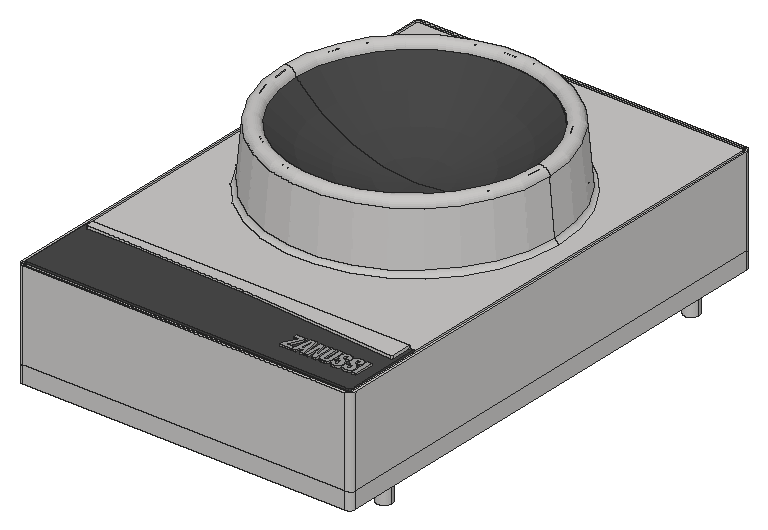
Revit family "QF_ZANUSSI_600893_Z1HCEEOMCS", category Specialty Equipment, Revit 2018
Family settings
  Round Connector Dimension = Use Diameter
  Part Type = Normal
  Work Plane-Based = No
  Always vertical = Yes
  Cut with Voids When Loaded = No
  Shared = No
  Room Calculation Point = No
Parameters (values of type "Standard")
  Watts = 0 W
  Volts = 220 V
  URL = "http://www.zanussiprofessional.com"
  Steam Supply Size = 0 mm
  Steam Supply Minimum Pressure = 0.0 Pa
  Steam Supply Maximum Pressure = 0.0 Pa
  Steam Pounds per Hour = 0
  Show Logo [instance] = yes
  Manufacturer = "Zanussi"
  Phase = 1
  Model = "Z1HCEEOMCS"
  Item Number = "600893"
  Hot Water Size = 0 mm
  HP = "4.7 HP"
  Gas Size = 0 mm
  Gas KW = 0
  Direct Waste Size = 0 mm
  Description = "PLUG-IN INDUCTION WOK"
  Cycle = 60 Hz
  Condensate Return Size = 0 mm
  Compressed Air Volume = 0.0 L/s
  Compressed Air Size = 0 mm
  Compressed Air Pressure = 0.0 Pa
  Cold Water Size = 0 mm
Types (2, lengths in mm): name | URL | Manufacturer | Phase | Model | Description
  (no name) | 0 | 0 | 0 | 0 | 0
  Standard | "http://www.zanussiprofessional.com" | "Zanussi" | 1 | "Z1HCEEOMCS" | "PLUG-IN INDUCTION WOK"
Values of the unnamed type that differ from the named types
  Volts = 0 V
  Item Number = ""
  Cycle = 0 Hz
Reference planes
  plane 1 "Centro (Fronte/Retro)": y = 74.737
  plane 2: z = 0
  plane 3: x = -514.269
  plane 4 "LEFT": x = -714.269
  plane 5 "RIGHT": x = -314.269
  plane 6 "BACK": y = 374.737
  plane 7 "FRONT": y = -225.263
  plane 8: x = -712.269
  plane 9: y = 372.737
  plane 10: x = -316.269
  plane 11: y = -223.263
  plane 12: y = -124.263
  plane 13: x = -698.269
  plane 14: x = -330.269
  plane 15: y = 304.737
  plane 16: y = -155.263
  plane 17: x = -442.269
  plane 18: y = 179.737
  plane 19 "wok": y = 120.237
  plane 20: z = 764
Forms (mm)
  Extrusion 1, solid, material "QF_Finishes_Stainless Steel"
    sketch origin (0, 0, 788) x (1, 0, 0) y (0, 1, 0)
      loop
        arc (-707.269, 374.737) -> (-712.218, 372.687) -> (-714.269, 367.737) r 7
        line (-714.269, 367.737) -> (-714.269, -218.263)
        arc (-714.269, -218.263) -> (-712.218, -223.213) -> (-707.269, -225.263) r 7
        line (-707.269, -225.263) -> (-321.269, -225.263)
        arc (-321.269, -225.263) -> (-316.319, -223.213) -> (-314.269, -218.263) r 7
        line (-314.269, -218.263) -> (-314.269, 367.737)
        arc (-314.269, 367.737) -> (-316.319, 372.687) -> (-321.269, 374.737) r 7
        line (-321.269, 374.737) -> (-707.269, 374.737)
    from 0 to 20
  Extrusion 2, solid, material "QF_Finishes_Stainless Steel"
    sketch origin (0, 0, 788) x (1, 0, 0) y (0, 1, 0)
      loop
        line (-321.269, 374.737) -> (-707.269, 374.737)
        arc (-707.269, 374.737) -> (-712.218, 372.687) -> (-714.269, 367.737) r 7
        line (-714.269, 367.737) -> (-714.269, -218.263)
        arc (-714.269, -218.263) -> (-712.218, -223.213) -> (-707.269, -225.263) r 7
        line (-707.269, -225.263) -> (-321.269, -225.263)
        arc (-321.269, -225.263) -> (-316.319, -223.213) -> (-314.269, -218.263) r 7
        line (-314.269, -218.263) -> (-314.269, 367.737)
        arc (-314.269, 367.737) -> (-316.319, 372.687) -> (-321.269, 374.737) r 7
      loop
        arc (-707.269, 372.737) -> (-710.804, 371.273) -> (-712.269, 367.737) r 5
        line (-712.269, 367.737) -> (-712.269, -218.263)
        arc (-712.269, -218.263) -> (-710.804, -221.798) -> (-707.269, -223.263) r 5
        line (-707.269, -223.263) -> (-321.269, -223.263)
        arc (-321.269, -223.263) -> (-317.733, -221.798) -> (-316.269, -218.263) r 5
        line (-316.269, -218.263) -> (-316.269, 367.737)
        arc (-316.269, 367.737) -> (-317.733, 371.273) -> (-321.269, 372.737) r 5
        line (-321.269, 372.737) -> (-707.269, 372.737)
    from 20 to 126
  Extrusion 3, solid, material "QF_Finishes_Black"
    sketch origin (0, 0, 914) x (-1, 0, 0) y (0, -1, 0)
      loop
        line (709.269, 124.263) -> (709.269, 218.263)
        arc (709.269, 218.263) -> (708.683, 219.677) -> (707.269, 220.263) r 2
        line (707.269, 220.263) -> (321.269, 220.263)
        arc (321.269, 220.263) -> (319.854, 219.677) -> (319.269, 218.263) r 2
        line (319.269, 218.263) -> (319.269, 124.263) -> (709.269, 124.263)
    from 0 to 2
  Extrusion 4, solid, material "QF_Finishes_Stainless Steel"
    sketch origin (0, 0, 140) x (-1, 0, 0) y (0, -1, 0)
      loop
        circle (698.269, -304.737) r 9
      loop
        circle (330.269, -304.737) r 9
      loop
        circle (698.269, 155.263) r 9
      loop
        circle (330.269, 155.263) r 9
    from 624 to 648
  Extrusion 5, solid, material "QF_Finishes_Stainless Steel"
    sketch origin (0, 0, 140) x (-1, 0, 0) y (0, -1, 0)
      loop
        circle (442.269, -179.737) r 10
    from 638.028 to 648
  Extrusion 6, solid, material "QF_Finishes_Stainless Steel"
    sketch origin (0, 96, 912) x (-1, 0, 0) y (0, -1, 0)
      loop
        arc (707.269, -273.737) -> (708.683, -273.151) -> (709.269, -271.737) r 2
        line (709.269, -271.737) -> (709.269, 220.263) -> (319.269, 220.263) -> (319.269, -271.737)
        arc (319.269, -271.737) -> (319.854, -273.151) -> (321.269, -273.737) r 2
        line (321.269, -273.737) -> (707.269, -273.737)
    from 0 to 2
  Revolve 7, solid, material "QF_Finishes_Stainless Steel"
    sketch origin (0, 120.237, 14) x (-1, 0, 0) y (0, 0, 1)
      loop
        arc (349.07, 900) -> (350.454, 902.553) -> (351.23, 905.352) r 12.856
        line (351.23, 905.352) -> (357.255, 968.615)
        arc (357.255, 968.615) -> (361.677, 972.996) -> (366.45, 969) r 4.622
        line (366.45, 969) -> (371.472, 969)
        arc (371.472, 969) -> (361.87, 978) -> (352.269, 969) r 9.622
        line (352.269, 969) -> (346.269, 906)
        arc (346.269, 906) -> (344.567, 902.335) -> (341.269, 900) r 7.856
        line (341.269, 900) -> (349.07, 900)
      axis (514.269, 900) -> (514.269, 969)
    angle from 0 to 360
  Revolve 8, solid, material "QF_Finishes_Black"
    sketch origin (0, 120.237, 14) x (-1, 0, 0) y (0, 0, 1)
      loop
        line (371.472, 969) -> (366.45, 969)
        arc (366.45, 969) -> (432.848, 918.929) -> (514.269, 902) r 190.056
        line (514.269, 902) -> (514.269, 906)
        arc (514.269, 906) -> (436.232, 922.453) -> (371.472, 969) r 193.372
      axis (514.269, 969) -> (514.269, 902)
    angle from 0 to 360
  Extrusion 9, solid, material "QF_Finishes_Stainless Steel"
    sketch origin (0, 0, 914) x (-1, 0, 0) y (0, -1, 0)
      loop
        arc (702.769, 124.263) -> (703.829, 124.702) -> (704.269, 125.763) r 1.5
        line (704.269, 125.763) -> (704.269, 132.763)
        arc (704.269, 132.763) -> (703.829, 133.824) -> (702.769, 134.263) r 1.5
        line (702.769, 134.263) -> (651.769, 134.263)
        arc (651.769, 134.263) -> (582.973, 135.513) -> (514.269, 139.263) r 1893.125
        arc (514.269, 139.263) -> (420.209, 148.26) -> (325.769, 151.263) r 1486.51
        arc (325.769, 151.263) -> (324.708, 150.824) -> (324.269, 149.763) r 1.5
        line (324.269, 149.763) -> (324.269, 125.763)
        arc (324.269, 125.763) -> (324.708, 124.702) -> (325.769, 124.263) r 1.5
        line (325.769, 124.263) -> (702.769, 124.263)
    from 2 to 5
Lines and regions (mm)
  symbolic lines
    curve 1: line (-321.269, 374.737, 126) -> (-707.269, 374.737, 126)
    curve 2: arc (-707.269, 374.737, 126) -> (-712.218, 372.687, 126) -> (-714.269, 367.737, 126) r 7
    curve 3: line (-714.269, 367.737, 126) -> (-714.269, -218.263, 126)
    curve 4: arc (-714.269, -218.263, 126) -> (-712.218, -223.213, 126) -> (-707.269, -225.263, 126) r 7
    curve 5: line (-707.269, -225.263, 126) -> (-321.269, -225.263, 126)
    curve 6: arc (-321.269, -225.263, 126) -> (-316.319, -223.213, 126) -> (-314.269, -218.263, 126) r 7
    curve 7: line (-314.269, -218.263, 126) -> (-314.269, 367.737, 126)
    curve 8: arc (-314.269, 367.737, 126) -> (-316.319, 372.687, 126) -> (-321.269, 374.737, 126) r 7
    curve 9: line (-707.269, 372.737, 126) -> (-321.269, 372.737, 126)
    curve 10: arc (-321.269, 372.737, 126) -> (-317.733, 371.273, 126) -> (-316.269, 367.737, 126) r 5
    curve 11: line (-316.269, 367.737, 126) -> (-316.269, -218.263, 126)
    curve 12: arc (-316.269, -218.263, 126) -> (-317.733, -221.798, 126) -> (-321.269, -223.263, 126) r 5
    curve 13: line (-321.269, -223.263, 126) -> (-707.269, -223.263, 126)
    curve 14: arc (-707.269, -223.263, 126) -> (-710.804, -221.798, 126) -> (-712.269, -218.263, 126) r 5
    curve 15: line (-712.269, -218.263, 126) -> (-712.269, 367.737, 126)
    curve 16: arc (-712.269, 367.737, 126) -> (-710.804, 371.273, 126) -> (-707.269, 372.737, 126) r 5
    curve 17: line (-319.269, -124.263, 126) -> (-709.269, -124.263, 126)
    curve 18: line (-319.269, -218.263, 126) -> (-319.269, 367.737, 126)
    curve 19: arc (-319.269, 367.737, 126) -> (-319.854, 369.151, 126) -> (-321.269, 369.737, 126) r 2
    curve 20: line (-321.269, 369.737, 126) -> (-707.269, 369.737, 126)
    curve 21: arc (-707.269, 369.737, 126) -> (-708.683, 369.151, 126) -> (-709.269, 367.737, 126) r 2
    curve 22: line (-709.269, 367.737, 126) -> (-709.269, -218.263, 126)
    curve 23: arc (-709.269, -218.263, 126) -> (-708.683, -219.677, 126) -> (-707.269, -220.263, 126) r 2
    curve 24: line (-707.269, -220.263, 126) -> (-321.269, -220.263, 126)
    curve 25: arc (-321.269, -220.263, 126) -> (-319.854, -219.677, 126) -> (-319.269, -218.263, 126) r 2
    curve 26: arc (-687.269, 120.237, 126) -> (-514.269, 293.237, 126) -> (-341.269, 120.237, 126) r 173
    curve 27: arc (-341.269, 120.237, 126) -> (-514.269, -52.763, 126) -> (-687.269, 120.237, 126) r 173
    curve 28: arc (-682.269, 120.237, 126) -> (-514.269, -47.763, 126) -> (-346.269, 120.237, 126) r 168
    curve 29: arc (-346.269, 120.237, 126) -> (-514.269, 288.237, 126) -> (-682.269, 120.237, 126) r 168
    curve 30: arc (-676.269, 120.237, 126) -> (-514.269, -41.763, 126) -> (-352.269, 120.237, 126) r 162
    curve 31: arc (-371.472, 120.237, 126) -> (-514.269, 263.034, 126) -> (-657.065, 120.237, 126) r 142.797
    curve 32: arc (-657.065, 120.237, 126) -> (-514.269, -22.56, 126) -> (-371.472, 120.237, 126) r 142.797
    curve 33: arc (-352.269, 120.237, 126) -> (-514.269, 282.237, 126) -> (-676.269, 120.237, 126) r 162
    curve 34: arc (-702.769, -124.263, 126) -> (-703.829, -124.702, 126) -> (-704.269, -125.763, 126) r 1.5
    curve 35: line (-704.269, -125.763, 126) -> (-704.269, -132.763, 126)
    curve 36: arc (-704.269, -132.763, 126) -> (-703.829, -133.824, 126) -> (-702.769, -134.263, 126) r 1.5
    curve 37: line (-702.769, -134.263, 126) -> (-651.769, -134.263, 126)
    curve 38: arc (-324.269, -125.763, 126) -> (-324.708, -124.702, 126) -> (-325.769, -124.263, 126) r 1.5
    curve 39: line (-324.269, -149.763, 126) -> (-324.269, -125.763, 126)
    curve 40: arc (-325.769, -151.263, 126) -> (-324.708, -150.824, 126) -> (-324.269, -149.763, 126) r 1.5
    curve 41: arc (-651.769, -134.263, 126) -> (-582.973, -135.513, 126) -> (-514.269, -139.263, 126) r 1893.125
    curve 42: arc (-514.269, -139.263, 126) -> (-420.209, -148.26, 126) -> (-325.769, -151.263, 126) r 1486.51
    curve 43: line (-415.208, -176.613, 126) -> (-422.226, -191.352, 126)
    curve 44: line (-422.226, -191.352, 126) -> (-422.226, -196.265, 126)
    curve 45: line (-422.226, -196.265, 126) -> (-409.452, -196.265, 126)
    curve 46: line (-409.452, -196.265, 126) -> (-409.452, -191.352, 126)
    curve 47: line (-409.452, -191.352, 126) -> (-416.821, -191.352, 126)
    curve 48: line (-416.821, -191.352, 126) -> (-409.452, -176.332, 126)
    curve 49: line (-409.452, -176.332, 126) -> (-409.452, -172.261, 126)
    curve 50: line (-409.452, -172.261, 126) -> (-421.665, -172.261, 126)
    curve 51: line (-421.665, -172.261, 126) -> (-421.665, -176.753, 126)
    curve 52: line (-421.665, -176.753, 126) -> (-415.208, -176.613, 126)
    curve 53: line (-404.82, -172.261, 126) -> (-409.172, -196.265, 126)
    curve 54: line (-409.172, -196.265, 126) -> (-404.118, -196.265, 126)
    curve 55: line (-404.118, -196.265, 126) -> (-403.416, -191.633, 126)
    curve 56: line (-403.416, -191.633, 126) -> (-399.346, -191.633, 126)
    curve 57: line (-399.346, -191.633, 126) -> (-398.644, -196.265, 126)
    curve 58: line (-398.644, -196.265, 126) -> (-393.59, -196.265, 126)
    curve 59: line (-393.59, -196.265, 126) -> (-398.082, -172.261, 126)
    curve 60: line (-398.082, -172.261, 126) -> (-404.82, -172.261, 126)
    curve 61: line (-401.451, -176.364, 126) -> (-400.047, -187.281, 126)
    curve 62: line (-400.047, -187.281, 126) -> (-402.855, -187.281, 126)
    curve 63: line (-402.855, -187.281, 126) -> (-401.451, -176.364, 126)
    curve 64: line (-393.309, -172.261, 126) -> (-393.309, -196.265, 126)
    curve 65: line (-393.309, -196.265, 126) -> (-388.958, -196.265, 126)
    curve 66: line (-388.958, -196.265, 126) -> (-388.958, -180.403, 126)
    curve 67: line (-388.958, -180.403, 126) -> (-384.887, -196.265, 126)
    curve 68: line (-384.887, -196.265, 126) -> (-379.553, -196.265, 126)
    curve 69: line (-379.553, -196.265, 126) -> (-379.553, -172.261, 126)
    curve 70: line (-379.553, -172.261, 126) -> (-384.045, -172.261, 126)
    curve 71: line (-384.045, -172.261, 126) -> (-384.045, -187.562, 126)
    curve 72: line (-384.045, -187.562, 126) -> (-388.116, -172.261, 126)
    curve 73: line (-388.116, -172.261, 126) -> (-393.309, -172.261, 126)
    curve 74: line (-378.43, -172.261, 126) -> (-378.43, -188.404, 126)
    curve 75: line (-378.43, -188.404, 126) -> (-378.149, -192.334, 126)
    curve 76: line (-378.149, -192.334, 126) -> (-377.728, -193.317, 126)
    curve 77: line (-377.728, -193.317, 126) -> (-376.745, -194.58, 126)
    curve 78: line (-376.745, -194.58, 126) -> (-375.763, -195.282, 126)
    curve 79: line (-375.763, -195.282, 126) -> (-373.797, -196.124, 126)
    curve 80: line (-373.797, -196.124, 126) -> (-372.815, -196.265, 126)
    curve 81: line (-372.815, -196.265, 126) -> (-370.569, -196.265, 126)
    curve 82: line (-370.569, -196.265, 126) -> (-369.446, -195.984, 126)
    curve 83: line (-369.446, -195.984, 126) -> (-367.761, -195.001, 126)
    curve 84: line (-367.761, -195.001, 126) -> (-365.796, -192.194, 126)
    curve 85: line (-365.796, -192.194, 126) -> (-365.656, -191.211, 126)
    curve 86: line (-365.656, -191.211, 126) -> (-365.656, -172.261, 126)
    curve 87: line (-365.656, -172.261, 126) -> (-370.569, -172.261, 126)
    curve 88: line (-370.569, -172.261, 126) -> (-370.569, -190.088, 126)
    curve 89: line (-370.569, -190.088, 126) -> (-371.13, -191.352, 126)
    curve 90: line (-371.13, -191.352, 126) -> (-372.675, -191.492, 126)
    curve 91: line (-372.675, -191.492, 126) -> (-373.517, -190.509, 126)
    curve 92: line (-373.517, -190.509, 126) -> (-373.517, -172.261, 126)
    curve 93: line (-373.517, -172.261, 126) -> (-378.43, -172.261, 126)
    curve 94: line (-353.163, -184.895, 126) -> (-358.778, -179.841, 126)
    curve 95: line (-358.778, -179.841, 126) -> (-359.479, -178.999, 126)
    curve 96: line (-359.479, -178.999, 126) -> (-359.76, -176.753, 126)
    curve 97: line (-359.76, -176.753, 126) -> (-358.076, -175.911, 126)
    curve 98: line (-358.076, -175.911, 126) -> (-356.672, -176.893, 126)
    curve 99: line (-356.672, -176.893, 126) -> (-356.532, -179.841, 126)
    curve 100: line (-356.532, -179.841, 126) -> (-351.899, -179.841, 126)
    curve 101: line (-351.899, -179.841, 126) -> (-352.18, -175.068, 126)
    curve 102: line (-352.18, -175.068, 126) -> (-355.128, -172.401, 126)
    curve 103: line (-355.128, -172.401, 126) -> (-363.269, -173.805, 126)
    curve 104: line (-363.269, -173.805, 126) -> (-364.252, -180.824, 126)
    curve 105: line (-364.252, -180.824, 126) -> (-362.006, -184.052, 126)
    curve 106: line (-362.006, -184.052, 126) -> (-359.62, -186.158, 126)
    curve 107: line (-359.62, -186.158, 126) -> (-356.672, -189.106, 126)
    curve 108: line (-356.672, -189.106, 126) -> (-357.233, -191.773, 126)
    curve 109: line (-357.233, -191.773, 126) -> (-359.058, -191.913, 126)
    curve 110: line (-359.058, -191.913, 126) -> (-360.041, -187.842, 126)
    curve 111: line (-360.041, -187.842, 126) -> (-364.954, -187.842, 126)
    curve 112: line (-364.954, -187.842, 126) -> (-363.55, -194.44, 126)
    curve 113: line (-363.55, -194.44, 126) -> (-357.374, -196.265, 126)
    curve 114: line (-357.374, -196.265, 126) -> (-351.759, -192.334, 126)
    curve 115: line (-351.759, -192.334, 126) -> (-353.163, -184.895, 126)
    curve 116: line (-339.266, -184.754, 126) -> (-345.161, -179.42, 126)
    curve 117: line (-345.161, -179.42, 126) -> (-345.863, -177.595, 126)
    curve 118: line (-345.863, -177.595, 126) -> (-345.302, -176.191, 126)
    curve 119: line (-345.302, -176.191, 126) -> (-344.038, -175.911, 126)
    curve 120: line (-344.038, -175.911, 126) -> (-342.635, -176.893, 126)
    curve 121: line (-342.635, -176.893, 126) -> (-342.494, -179.701, 126)
    curve 122: line (-342.494, -179.701, 126) -> (-337.722, -179.841, 126)
    curve 123: line (-337.722, -179.841, 126) -> (-338.283, -174.928, 126)
    curve 124: line (-338.283, -174.928, 126) -> (-345.723, -171.98, 126)
    curve 125: line (-345.723, -171.98, 126) -> (-350.215, -175.63, 126)
    curve 126: line (-350.215, -175.63, 126) -> (-348.951, -182.929, 126)
    curve 127: line (-348.951, -182.929, 126) -> (-343.758, -187.562, 126)
    curve 128: line (-343.758, -187.562, 126) -> (-342.635, -189.246, 126)
    curve 129: line (-342.635, -189.246, 126) -> (-343.056, -191.773, 126)
    curve 130: line (-343.056, -191.773, 126) -> (-344.46, -192.054, 126)
    curve 131: line (-344.46, -192.054, 126) -> (-346.003, -187.702, 126)
    curve 132: line (-346.003, -187.702, 126) -> (-350.917, -187.842, 126)
    curve 133: line (-350.917, -187.842, 126) -> (-349.092, -194.721, 126)
    curve 134: line (-349.092, -194.721, 126) -> (-341.091, -195.703, 126)
    curve 135: line (-341.091, -195.703, 126) -> (-338.002, -192.896, 126)
    curve 136: line (-338.002, -192.896, 126) -> (-339.266, -184.754, 126)
    curve 137: line (-331.966, -172.261, 126) -> (-336.879, -172.261, 126)
    curve 138: line (-336.879, -172.261, 126) -> (-336.879, -196.265, 126)
    curve 139: line (-336.879, -196.265, 126) -> (-331.966, -196.265, 126)
    curve 140: line (-331.966, -196.265, 126) -> (-331.966, -172.261, 126)
Dimensions and locks
  equal spacing: plane 4 "LEFT", plane 3, plane 5 "RIGHT"
  plane 4 "LEFT" to plane 5 "RIGHT" = 400 mm
  equal spacing: plane 6 "BACK", plane 1 "Centro (Fronte/Retro)", plane 7 "FRONT"
  plane 6 "BACK" to plane 7 "FRONT" = 600 mm
  locked: plane 4 "LEFT" to plane 13 at 16
  locked: plane 14 to plane 5 "RIGHT" at 16
  locked: plane 6 "BACK" to plane 15 at 70
  locked: plane 16 to plane 7 "FRONT" at 70
  locked: plane 17 to plane 5 "RIGHT" at 128
  locked: plane 6 "BACK" to plane 18 at 195
  plane 20 to level = 764 mm
  aligned and locked: level to plane 2
Automatic sketch dimensions
  curve 2 to curve 16 = 0 mm  (x2)
  curve 2 to curve 21 = 0 mm  (x2)
  curve 4 to curve 14 = 0 mm  (x2)
  curve 4 to curve 23 = 0 mm  (x2)
  curve 6 to curve 12 = 0 mm  (x2)
  curve 6 to curve 25 = 0 mm  (x2)
  curve 8 to curve 10 = 0 mm  (x2)
  curve 8 to curve 19 = 0 mm  (x2)
  curve 10 to curve 19 = 0 mm  (x2)
  curve 12 to curve 25 = 0 mm  (x2)
  curve 14 to curve 23 = 0 mm  (x2)
  curve 16 to curve 21 = 0 mm  (x2)
  curve 26 to curve 27 = 0 mm  (x2)
  curve 26 to curve 28 = 0 mm  (x2)
  curve 26 to curve 29 = 0 mm  (x2)
  curve 26 to curve 30 = 0 mm  (x2)
  curve 26 to curve 31 = 0 mm  (x2)
  curve 26 to curve 32 = 0 mm  (x2)
  curve 26 to curve 33 = 0 mm  (x2)
  curve 27 to curve 28 = 0 mm  (x2)
  curve 27 to curve 29 = 0 mm  (x2)
  curve 27 to curve 30 = 0 mm  (x2)
  curve 27 to curve 31 = 0 mm  (x2)
  curve 27 to curve 32 = 0 mm  (x2)
  curve 27 to curve 33 = 0 mm  (x2)
  curve 28 to curve 29 = 0 mm  (x2)
  curve 28 to curve 30 = 0 mm  (x2)
  curve 28 to curve 31 = 0 mm  (x2)
  curve 28 to curve 32 = 0 mm  (x2)
  curve 28 to curve 33 = 0 mm  (x2)
  curve 29 to curve 30 = 0 mm  (x2)
  curve 29 to curve 31 = 0 mm  (x2)
  curve 29 to curve 32 = 0 mm  (x2)
  curve 29 to curve 33 = 0 mm  (x2)
  curve 30 to curve 31 = 0 mm  (x2)
  curve 30 to curve 32 = 0 mm  (x2)
  curve 30 to curve 33 = 0 mm  (x2)
  curve 31 to curve 32 = 0 mm  (x2)
  curve 31 to curve 33 = 0 mm  (x2)
  curve 32 to curve 33 = 0 mm  (x2)
  curve 7 to plane 5 "RIGHT" = 0 mm
  curve 10 to plane 10 = 0 mm
  curve 17 to plane 12 = 0 mm
  curve 6 to plane 7 "FRONT" = 0 mm
  curve 8 to plane 6 "BACK" = 0 mm
  curve 27 to plane 19 "wok" = 0 mm
  curve 26 to plane 3 = 0 mm
  curve 42 to plane 3 = 0 mm
  curve 15 to plane 8 = 0 mm
  curve 18 to plane 10 = 3 mm
  curve 25 to curve 24 = 2 mm
  curve 19 to curve 20 = 2 mm
  curve 39 to plane 12 = 1.5 mm
  curve 17 to curve 39 = 5 mm
  curve 40 to curve 40 = 1.5 mm
  curve 139 to plane 14 = 1.698 mm
  curve 139 to curve 139 = 4.913 mm
  curve 122 to plane 14 = 7.453 mm
  curve 138 to curve 136 = 1.123 mm
  curve 137 to curve 123 = 1.404 mm
  curve 122 to curve 136 = 1.544 mm
  curve 135 to curve 134 = 3.088 mm
  curve 122 to curve 121 = 4.773 mm
  curve 116 to curve 129 = 3.369 mm
  curve 121 to curve 121 = 0.141 mm
  curve 128 to curve 130 = 0.421 mm
  curve 128 to curve 128 = 1.123 mm
  curve 120 to curve 120 = 1.404 mm
  curve 129 to curve 131 = 1.404 mm
  curve 121 to curve 116 = 2.667 mm
  curve 119 to curve 119 = 1.263 mm
  curve 118 to curve 124 = 0.421 mm
  curve 118 to curve 117 = 0.562 mm
  curve 127 to curve 131 = 2.246 mm
  curve 116 to curve 127 = 3.79 mm
  curve 130 to curve 134 = 4.632 mm
  curve 117 to curve 125 = 4.352 mm
  curve 131 to curve 132 = 4.913 mm
  curve 133 to curve 114 = 2.667 mm
  curve 126 to curve 100 = 2.948 mm
  curve 125 to curve 102 = 1.965 mm
  curve 132 to curve 115 = 2.246 mm
  curve 101 to curve 103 = 2.948 mm
  curve 100 to curve 100 = 4.632 mm
  curve 99 to curve 99 = 0.14 mm
  curve 94 to curve 107 = 3.509 mm
  curve 107 to curve 108 = 0.562 mm
  curve 108 to curve 114 = 0.14 mm
  curve 98 to curve 98 = 1.404 mm
  curve 99 to curve 94 = 2.246 mm
  curve 108 to curve 110 = 1.825 mm
  curve 94 to curve 96 = 0.702 mm
  curve 107 to curve 106 = 2.948 mm
  curve 97 to curve 97 = 1.684 mm
  curve 106 to curve 110 = 0.421 mm
  curve 106 to curve 106 = 2.386 mm
  curve 96 to curve 104 = 3.509 mm
  curve 109 to curve 112 = 4.492 mm
  curve 105 to curve 105 = 2.246 mm
  curve 105 to curve 112 = 2.948 mm
  curve 103 to curve 87 = 2.386 mm
  curve 85 to curve 85 = 0.14 mm
  curve 84 to curve 84 = 1.965 mm
  curve 83 to curve 83 = 1.685 mm
  curve 85 to curve 88 = 4.913 mm
  curve 82 to curve 82 = 1.123 mm
  curve 88 to curve 89 = 0.561 mm
  curve 89 to curve 91 = 1.544 mm
  curve 81 to curve 81 = 2.246 mm
  curve 90 to curve 91 = 0.842 mm
  curve 80 to curve 80 = 0.982 mm
  curve 79 to curve 79 = 1.965 mm
  curve 78 to curve 78 = 0.983 mm
  curve 77 to curve 76 = 0.983 mm
  curve 76 to curve 76 = 0.421 mm
  curve 75 to curve 75 = 0.281 mm
  curve 77 to curve 69 = 2.808 mm
  curve 74 to curve 71 = 5.615 mm
  plane 11 to curve 67 = 26.998 mm
  curve 68 to curve 67 = 5.334 mm
  curve 72 to plane 16 = 16.998 mm
  curve 70 to curve 72 = 4.071 mm
  curve 67 to curve 66 = 4.071 mm
  curve 72 to curve 73 = 5.194 mm
  curve 64 to curve 59 = 0.281 mm
  curve 59 to plane 16 = 16.998 mm
  curve 64 to curve 59 = 4.773 mm
  curve 58 to curve 58 = 5.053 mm
  curve 57 to curve 57 = 0.702 mm
  curve 56 to curve 61 = 0.702 mm
  curve 59 to curve 63 = 3.369 mm
  curve 61 to curve 62 = 2.807 mm
  curve 56 to curve 55 = 4.071 mm
  curve 55 to curve 55 = 0.702 mm
  curve 61 to curve 60 = 3.369 mm
  curve 54 to curve 54 = 5.054 mm
  curve 53 to curve 47 = 0.281 mm
  curve 53 to curve 49 = 4.632 mm
  curve 48 to curve 43 = 5.755 mm
  curve 46 to curve 47 = 7.368 mm
  curve 43 to curve 50 = 6.457 mm
  curve 47 to curve 44 = 5.406 mm
  plane 13 to curve 41 = 46.5 mm
  curve 36 to plane 13 = 4.5 mm
  curve 34 to plane 12 = 1.5 mm
  curve 34 to plane 13 = 4.5 mm
  plane 8 to curve 13 = 5 mm
  curve 2 to curve 22 = 2 mm
  plane 6 "BACK" to curve 42 = 960.51 mm
  curve 34 to curve 36 = 7 mm
  plane 16 to curve 39 = 5.5 mm
  curve 125 to plane 16 = 16.717 mm
  curve 124 to curve 140 = 0.281 mm
  curve 72 to curve 69 = 0 mm
  curve 69 to curve 74 = 0 mm
  curve 92 to curve 86 = 0 mm
  curve 51 to curve 53 = 0 mm
  curve 124 to curve 102 = 0.421 mm
  curve 86 to curve 103 = 1.544 mm
  curve 137 to curve 123 = 2.667 mm
  curve 102 to curve 102 = 2.667 mm
  curve 101 to curve 126 = 0.561 mm
  curve 124 to curve 120 = 3.93 mm
  curve 102 to curve 97 = 3.509 mm
  curve 119 to curve 118 = 0.281 mm
  curve 49 to curve 48 = 4.071 mm
  curve 59 to curve 61 = 4.103 mm
  curve 48 to curve 43 = 0.281 mm
  curve 50 to curve 51 = 4.492 mm
  curve 97 to curve 96 = 0.842 mm
  curve 119 to curve 121 = 0.983 mm
  curve 97 to curve 99 = 0.983 mm
  curve 118 to curve 118 = 1.404 mm
  curve 96 to curve 95 = 2.246 mm
  curve 117 to curve 117 = 1.825 mm
  curve 116 to curve 121 = 0.281 mm
  curve 98 to curve 99 = 2.948 mm
  curve 121 to curve 122 = 0.14 mm
  curve 95 to curve 94 = 0.842 mm
  curve 72 to curve 66 = 8.142 mm
  curve 95 to curve 105 = 1.825 mm
  curve 100 to curve 127 = 3.088 mm
  curve 104 to curve 106 = 3.228 mm
  curve 122 to curve 116 = 4.913 mm
  curve 126 to curve 94 = 1.965 mm
  curve 105 to curve 106 = 2.106 mm
  curve 61 to curve 63 = 10.917 mm
  curve 116 to curve 127 = 2.807 mm
  curve 66 to curve 71 = 7.159 mm
  curve 127 to curve 131 = 0.14 mm
  curve 105 to curve 112 = 3.79 mm
  curve 94 to curve 133 = 2.948 mm
  curve 71 to curve 75 = 0.842 mm
  curve 110 to curve 107 = 1.264 mm
  curve 127 to curve 128 = 1.685 mm
  curve 111 to curve 88 = 2.246 mm
  curve 88 to curve 92 = 0.421 mm
  curve 111 to curve 86 = 3.369 mm
  curve 62 to curve 47 = 4.071 mm
  curve 88 to curve 90 = 1.263 mm
  curve 43 to curve 47 = 0 mm
  curve 91 to curve 91 = 0.983 mm
  curve 61 to curve 56 = 4.352 mm
  curve 128 to curve 130 = 2.527 mm
  curve 107 to curve 109 = 2.667 mm
  curve 108 to curve 110 = 0.14 mm
  curve 129 to curve 130 = 0.281 mm
  curve 85 to curve 85 = 0.982 mm
  curve 74 to curve 75 = 3.93 mm
  curve 132 to curve 114 = 4.492 mm
  curve 129 to curve 135 = 1.123 mm
  curve 75 to curve 76 = 0.983 mm
  curve 84 to curve 112 = 2.246 mm
  curve 76 to curve 77 = 1.263 mm
  curve 114 to curve 133 = 2.386 mm
  curve 84 to curve 84 = 2.808 mm
  curve 77 to curve 79 = 0.702 mm
  curve 135 to curve 135 = 2.807 mm
  curve 83 to curve 83 = 0.983 mm
  curve 78 to curve 80 = 0.842 mm
  curve 56 to curve 57 = 4.632 mm
  curve 108 to curve 113 = 4.492 mm
  curve 66 to curve 67 = 0 mm
  curve 79 to curve 80 = 0.14 mm
  curve 46 to curve 54 = 4.913 mm
  curve 135 to curve 138 = 3.369 mm
  curve 46 to curve 53 = 0 mm
  curve 41 to plane 7 "FRONT" = 1802.125 mm
  curve 27 to plane 14 = 11 mm
  curve 26 to curve 29 = 5 mm
  curve 28 to curve 33 = 6 mm
  curve 30 to curve 32 = 19.203 mm
  Extrusion 1 sketch curve to plane 4 "LEFT" = 0 mm
  Extrusion 1 sketch curve to plane 7 "FRONT" = 0 mm
  Extrusion 1 sketch curve to plane 6 "BACK" = 0 mm
  Extrusion 1 sketch curve to plane 5 "RIGHT" = 0 mm
  plane 8 to Extrusion 1 sketch curve = 5 mm  (x2)
  Extrusion 1 sketch curve to plane 10 = 5 mm  (x2)
  Extrusion 2 sketch curve to Extrusion 2 sketch curve = 0 mm  (x8)
  Extrusion 2 sketch curve to plane 4 "LEFT" = 0 mm
  Extrusion 2 sketch curve to plane 8 = 0 mm
  Extrusion 2 sketch curve to plane 6 "BACK" = 0 mm
  Extrusion 2 sketch curve to plane 7 "FRONT" = 0 mm
  Extrusion 2 sketch curve to plane 10 = 0 mm
  Extrusion 2 sketch curve to Extrusion 2 sketch curve = 5 mm  (x2)
  Extrusion 2 sketch curve to plane 10 = 5 mm  (x2)
  Extrusion 3 sketch curve to plane 12 = 0 mm
  Extrusion 3 sketch curve to plane 10 = 3 mm
  Extrusion 3 sketch curve to Extrusion 3 sketch curve = 2 mm  (x2)
  plane 8 to Extrusion 3 sketch curve = 5 mm
  plane 11 to Extrusion 3 sketch curve = 5 mm
  Extrusion 4 sketch curve to plane 14 = 0 mm  (x2)
  Extrusion 4 sketch curve to plane 13 = 0 mm  (x2)
  Extrusion 4 sketch curve to plane 15 = 0 mm  (x2)
  Extrusion 4 sketch curve to plane 16 = 0 mm  (x2)
  Extrusion 5 sketch curve to plane 17 = 0 mm
  Extrusion 5 sketch curve to plane 18 = 0 mm
  Extrusion 6 sketch curve to plane 12 = 0 mm
  Extrusion 6 sketch curve to plane 10 = 3 mm
  Extrusion 6 sketch curve to Extrusion 6 sketch curve = 2 mm  (x2)
  plane 8 to Extrusion 6 sketch curve = 5 mm
  Extrusion 6 sketch curve to plane 9 = 5 mm
  Revolve 7 sketch curve to Revolve 7 sketch curve = 0 mm  (x4)
  Revolve 7 sketch curve to plane 3 = 0 mm
  Revolve 7 sketch curve to plane 14 = 41.203 mm
  Revolve 7 sketch curve to Revolve 7 sketch curve = 5.022 mm
  Revolve 7 sketch curve to Revolve 7 sketch curve = 4.58 mm
  Revolve 7 sketch curve to Revolve 7 sketch curve = 4.616 mm
  Revolve 7 sketch curve to Revolve 7 sketch curve = 4.986 mm
  Revolve 7 sketch curve to plane 14 = 20.961 mm
  Revolve 7 sketch curve to Revolve 7 sketch curve = 2.16 mm
  Revolve 7 sketch curve to Revolve 7 sketch curve = 4.961 mm
  Revolve 7 sketch curve to Revolve 7 sketch curve = 7.801 mm
  Revolve 7 sketch curve to Revolve 7 sketch curve = 2.736 mm
  plane 20 to Revolve 7 sketch curve = 150 mm  (x2)
  Revolve 7 sketch curve to Revolve 7 sketch curve = 5.352 mm
  Revolve 7 sketch curve to Revolve 7 sketch curve = 63.026 mm
  Revolve 7 sketch curve to Revolve 7 sketch curve = 0.237 mm
  Revolve 7 sketch curve to Revolve 7 sketch curve = 611 mm
  Revolve 8 sketch curve to plane 3 = 0 mm  (x2)
  plane 3 to Revolve 8 sketch curve = 2.959 mm
  Revolve 8 sketch curve to plane 14 = 41.203 mm
  Revolve 8 sketch curve to Revolve 8 sketch curve = 5.022 mm
  Revolve 8 sketch curve to plane 3 = 0.017 mm
  plane 20 to Revolve 8 sketch curve = 152 mm
  Revolve 8 sketch curve to Revolve 8 sketch curve = 4 mm
  Revolve 8 sketch curve to Revolve 8 sketch curve = 63 mm
  Revolve 8 sketch curve to Revolve 8 sketch curve = 2 mm
  Revolve 8 sketch curve to Revolve 8 sketch curve = 48.628 mm
  Extrusion 9 sketch curve to plane 12 = 0 mm
  Extrusion 9 sketch curve to plane 3 = 0 mm
  plane 14 to Extrusion 9 sketch curve = 4.5 mm  (x2)
  Extrusion 9 sketch curve to Extrusion 9 sketch curve = 1.5 mm  (x2)
  plane 13 to Extrusion 9 sketch curve = 46.5 mm
  Extrusion 9 sketch curve to plane 12 = 1.5 mm
  Extrusion 9 sketch curve to plane 13 = 4.5 mm
  plane 6 "BACK" to Extrusion 9 sketch curve = 960.51 mm
  Extrusion 9 sketch curve to Extrusion 9 sketch curve = 7 mm
  plane 16 to Extrusion 9 sketch curve = 5.5 mm
  Extrusion 9 sketch curve to plane 7 "FRONT" = 1802.125 mm
  radius of Extrusion 4 sketch curve = 9 mm  (x4)
  radius of Extrusion 5 sketch curve = 10 mm
Nested families
  nested 1: "ZAN_Logo_S_Grey" at (-377.096, -184.263, 916), visible <- "Show Logo", type "ZAN_Logo_S_Grey"
Connectors
  electrical at (-442.269, 179.737, 778.028)
    settings: on Extrusion 5, index 2, voltage 0 V, apparent load 0 VA, apparent load phase1 0 VA, apparent load phase2 0 VA, apparent load phase3 0 VA, power factor 1, load classification "Altro", number of poles 1, system type 30, power factor state 1, is connector primary yes, connector utility no, sub classification motor no, connector description ""
Definition of nested family "ZAN_Logo_S_Grey"
  Parameters (values of type "ZAN_Logo_S_Grey")
    Default Elevation = 0 mm
  Reference planes
    plane 1 "Centro (Fronte/Retro)": y = 0
    plane 2: z = 0
    plane 3 "Centro (Sinistra/Destra)": x = 0
  Forms (mm)
    Extrusion 1, solid
      sketch origin (0, 0, 0) x (1, 0, 0) y (0, 1, 0)
        loop
          line (-1219.2, 1219.2) -> (-1219.2, -1219.2) -> (1219.2, -1219.2) -> (1219.2, 1219.2) -> (-1219.2, 1219.2)
      from 0 to -304.8
    Extrusion 2, solid
      sketch origin (17.793, -46.218, 0) x (-1, 0, 0) y (0, -1, 0)
        loop
          spline (-4.176, -58.079) -> (-3.496, -58.328) -> (-2.793, -58.512) -> (-2.075, -58.63) -> (-1.348, -58.682) -> (-0.619, -58.669) -> (0.106, -58.588) -> (0.818, -58.44) -> (1.512, -58.225) -> (2.18, -57.941) -> (2.817, -57.589) -> (3.414, -57.167) -> (3.966, -56.676)
          spline (3.966, -56.676) -> (4.293, -56.162) -> (4.575, -55.61) -> (4.81, -55.026) -> (5, -54.419) -> (5.146, -53.797) -> (5.247, -53.166) -> (5.304, -52.536) -> (5.318, -51.913) -> (5.288, -51.306) -> (5.217, -50.723) -> (5.103, -50.17) -> (4.949, -49.657)
          line (4.949, -49.657) -> (2.702, -46.428) -> (0.316, -44.323)
          spline (0.316, -44.323) -> (0.065, -44.115) -> (-0.195, -43.909) -> (-0.46, -43.704) -> (-0.729, -43.496) -> (-0.997, -43.282) -> (-1.263, -43.059) -> (-1.523, -42.825) -> (-1.774, -42.576) -> (-2.013, -42.309) -> (-2.238, -42.022) -> (-2.445, -41.712) -> (-2.632, -41.375)
          spline (-2.632, -41.375) -> (-2.666, -41.159) -> (-2.697, -40.934) -> (-2.722, -40.701) -> (-2.736, -40.465) -> (-2.736, -40.227) -> (-2.72, -39.989) -> (-2.682, -39.754) -> (-2.621, -39.524) -> (-2.533, -39.302) -> (-2.414, -39.091) -> (-2.261, -38.892) -> (-2.07, -38.708)
          line (-2.07, -38.708) -> (-0.245, -38.567)
          spline (-0.245, -38.567) -> (0.096, -38.8) -> (0.354, -39.074) -> (0.54, -39.381) -> (0.664, -39.716) -> (0.738, -40.073) -> (0.772, -40.445) -> (0.777, -40.825) -> (0.763, -41.208) -> (0.742, -41.588) -> (0.723, -41.957) -> (0.718, -42.309) -> (0.737, -42.638)
          line (0.737, -42.638) -> (5.65, -42.638)
          spline (5.65, -42.638) -> (5.708, -42.042) -> (5.741, -41.448) -> (5.747, -40.857) -> (5.723, -40.273) -> (5.668, -39.696) -> (5.58, -39.129) -> (5.457, -38.574) -> (5.297, -38.032) -> (5.098, -37.506) -> (4.857, -36.997) -> (4.574, -36.508) -> (4.247, -36.041)
          spline (4.247, -36.041) -> (3.844, -35.675) -> (3.409, -35.35) -> (2.946, -35.065) -> (2.458, -34.819) -> (1.949, -34.612) -> (1.421, -34.444) -> (0.88, -34.314) -> (0.326, -34.221) -> (-0.234, -34.165) -> (-0.8, -34.146) -> (-1.366, -34.163) -> (-1.93, -34.216)
          spline (-1.93, -34.216) -> (-2.526, -34.309) -> (-3.116, -34.448) -> (-3.695, -34.633) -> (-4.259, -34.861) -> (-4.801, -35.131) -> (-5.316, -35.444) -> (-5.799, -35.798) -> (-6.245, -36.191) -> (-6.648, -36.624) -> (-7.002, -37.095) -> (-7.303, -37.603) -> (-7.545, -38.146)
          spline (-7.545, -38.146) -> (-7.694, -38.815) -> (-7.792, -39.487) -> (-7.839, -40.158) -> (-7.836, -40.824) -> (-7.785, -41.482) -> (-7.685, -42.129) -> (-7.539, -42.762) -> (-7.347, -43.377) -> (-7.111, -43.97) -> (-6.83, -44.538) -> (-6.506, -45.078) -> (-6.141, -45.586)
          line (-6.141, -45.586) -> (-0.526, -50.64) -> (0.176, -51.482)
          spline (0.176, -51.482) -> (0.248, -51.66) -> (0.323, -51.843) -> (0.397, -52.03) -> (0.467, -52.22) -> (0.529, -52.412) -> (0.579, -52.605) -> (0.615, -52.798) -> (0.633, -52.989) -> (0.63, -53.179) -> (0.601, -53.366) -> (0.545, -53.55) -> (0.456, -53.728)
          spline (0.456, -53.728) -> (0.375, -53.892) -> (0.273, -54.034) -> (0.154, -54.155) -> (0.02, -54.258) -> (-0.126, -54.343) -> (-0.28, -54.412) -> (-0.441, -54.466) -> (-0.604, -54.508) -> (-0.767, -54.537) -> (-0.928, -54.556) -> (-1.082, -54.567) -> (-1.228, -54.57)
          line (-1.228, -54.57) -> (-2.632, -53.587) -> (-2.772, -50.64) -> (-7.405, -50.64)
          spline (-7.405, -50.64) -> (-7.41, -51.031) -> (-7.423, -51.432) -> (-7.44, -51.839) -> (-7.456, -52.251) -> (-7.469, -52.665) -> (-7.475, -53.079) -> (-7.468, -53.489) -> (-7.446, -53.894) -> (-7.404, -54.291) -> (-7.339, -54.679) -> (-7.247, -55.053) -> (-7.123, -55.412)
          spline (-7.123, -55.412) -> (-6.999, -55.693) -> (-6.837, -55.97) -> (-6.643, -56.244) -> (-6.422, -56.509) -> (-6.177, -56.765) -> (-5.913, -57.009) -> (-5.634, -57.238) -> (-5.346, -57.45) -> (-5.051, -57.643) -> (-4.755, -57.814) -> (-4.462, -57.96) -> (-4.176, -58.079)
        loop
          spline (-21.021, -55.552) -> (-20.633, -56.181) -> (-20.177, -56.736) -> (-19.661, -57.217) -> (-19.092, -57.627) -> (-18.478, -57.966) -> (-17.827, -58.237) -> (-17.147, -58.441) -> (-16.446, -58.578) -> (-15.73, -58.652) -> (-15.009, -58.662) -> (-14.29, -58.611) -> (-13.581, -58.5)
          spline (-13.581, -58.5) -> (-13.088, -58.407) -> (-12.595, -58.269) -> (-12.109, -58.088) -> (-11.636, -57.866) -> (-11.183, -57.605) -> (-10.756, -57.307) -> (-10.361, -56.974) -> (-10.004, -56.608) -> (-9.692, -56.211) -> (-9.431, -55.784) -> (-9.228, -55.33) -> (-9.089, -54.851)
          spline (-9.089, -54.851) -> (-8.873, -54.211) -> (-8.715, -53.559) -> (-8.615, -52.901) -> (-8.574, -52.241) -> (-8.592, -51.585) -> (-8.668, -50.938) -> (-8.802, -50.306) -> (-8.995, -49.693) -> (-9.247, -49.106) -> (-9.557, -48.55) -> (-9.925, -48.03) -> (-10.352, -47.551)
          line (-10.352, -47.551) -> (-15.546, -42.919) -> (-16.669, -41.234)
          spline (-16.669, -41.234) -> (-16.704, -41.021) -> (-16.735, -40.804) -> (-16.761, -40.583) -> (-16.778, -40.361) -> (-16.784, -40.139) -> (-16.774, -39.919) -> (-16.748, -39.701) -> (-16.7, -39.488) -> (-16.63, -39.28) -> (-16.533, -39.08) -> (-16.406, -38.889) -> (-16.248, -38.708)
          line (-16.248, -38.708) -> (-14.844, -38.427)
          spline (-14.844, -38.427) -> (-14.347, -38.545) -> (-13.969, -38.749) -> (-13.695, -39.028) -> (-13.508, -39.368) -> (-13.393, -39.757) -> (-13.335, -40.182) -> (-13.318, -40.63) -> (-13.326, -41.089) -> (-13.344, -41.546) -> (-13.356, -41.988) -> (-13.347, -42.403) -> (-13.3, -42.779)
          line (-13.3, -42.779) -> (-8.387, -42.638)
          spline (-8.387, -42.638) -> (-8.326, -42.034) -> (-8.288, -41.417) -> (-8.277, -40.794) -> (-8.299, -40.169) -> (-8.357, -39.548) -> (-8.457, -38.936) -> (-8.604, -38.339) -> (-8.803, -37.762) -> (-9.058, -37.21) -> (-9.375, -36.689) -> (-9.758, -36.204) -> (-10.212, -35.76)
          spline (-10.212, -35.76) -> (-10.793, -35.336) -> (-11.409, -34.976) -> (-12.054, -34.679) -> (-12.723, -34.445) -> (-13.409, -34.273) -> (-14.107, -34.163) -> (-14.811, -34.115) -> (-15.515, -34.127) -> (-16.213, -34.2) -> (-16.899, -34.333) -> (-17.568, -34.526) -> (-18.213, -34.777)
          spline (-18.213, -34.777) -> (-18.496, -34.897) -> (-18.783, -35.044) -> (-19.071, -35.216) -> (-19.357, -35.412) -> (-19.639, -35.629) -> (-19.915, -35.865) -> (-20.182, -36.119) -> (-20.438, -36.389) -> (-20.681, -36.672) -> (-20.907, -36.967) -> (-21.115, -37.272) -> (-21.301, -37.585)
          spline (-21.301, -37.585) -> (-21.55, -38.26) -> (-21.734, -38.948) -> (-21.854, -39.647) -> (-21.91, -40.351) -> (-21.901, -41.057) -> (-21.828, -41.761) -> (-21.69, -42.459) -> (-21.489, -43.148) -> (-21.222, -43.823) -> (-20.892, -44.48) -> (-20.497, -45.116) -> (-20.038, -45.726)
          line (-20.038, -45.726) -> (-14.142, -51.061) -> (-13.44, -52.886) -> (-14.002, -54.289) -> (-15.265, -54.57) -> (-16.669, -53.587) -> (-16.81, -50.78) -> (-21.582, -50.64)
          spline (-21.582, -50.64) -> (-21.558, -51.063) -> (-21.55, -51.491) -> (-21.554, -51.92) -> (-21.561, -52.35) -> (-21.567, -52.778) -> (-21.565, -53.201) -> (-21.547, -53.619) -> (-21.509, -54.029) -> (-21.444, -54.43) -> (-21.345, -54.818) -> (-21.206, -55.193) -> (-21.021, -55.552)
        loop
          line (-22.424, -34.216) -> (-27.337, -34.216) -> (-27.337, -58.22) -> (-22.424, -58.22) -> (-22.424, -34.216)
        loop
          line (14.213, -39.971) -> (14.213, -58.22) -> (19.126, -58.22) -> (19.126, -42.077) -> (18.845, -38.146) -> (18.424, -37.164) -> (17.442, -35.9) -> (16.459, -35.199) -> (14.494, -34.356) -> (13.511, -34.216) -> (11.265, -34.216) -> (10.142, -34.497) -> (8.458, -35.479) -> (6.493, -38.287) -> (6.352, -39.269) -> (6.352, -58.22) -> (11.265, -58.22) -> (11.265, -40.392) -> (11.827, -39.129) -> (13.371, -38.988) -> (14.213, -39.971)
        loop
          line (20.249, -58.22) -> (24.741, -58.22) -> (24.741, -42.919) -> (28.812, -58.22) -> (34.006, -58.22) -> (34.006, -34.216) -> (29.654, -34.216) -> (29.654, -50.078) -> (25.583, -34.216) -> (20.249, -34.216) -> (20.249, -58.22)
        loop
          line (50.149, -58.22) -> (62.361, -58.22) -> (62.361, -53.728) -> (55.904, -53.868) -> (62.923, -39.129) -> (62.923, -34.216) -> (50.149, -34.216) -> (50.149, -39.129) -> (57.517, -39.129) -> (50.149, -54.149) -> (50.149, -58.22)
        loop
          line (38.778, -58.22) -> (45.516, -58.22) -> (49.868, -34.216) -> (44.814, -34.216) -> (44.113, -38.848) -> (40.042, -38.848) -> (39.34, -34.216) -> (34.286, -34.216) -> (38.778, -58.22)
        loop
          line (43.551, -43.2) -> (40.744, -43.2) -> (42.147, -54.117) -> (43.551, -43.2)
      from 0 to 1.644
  Dimensions and locks
    aligned and locked: plane 2 to Extrusion 1
    aligned and locked: level to Extrusion 1
